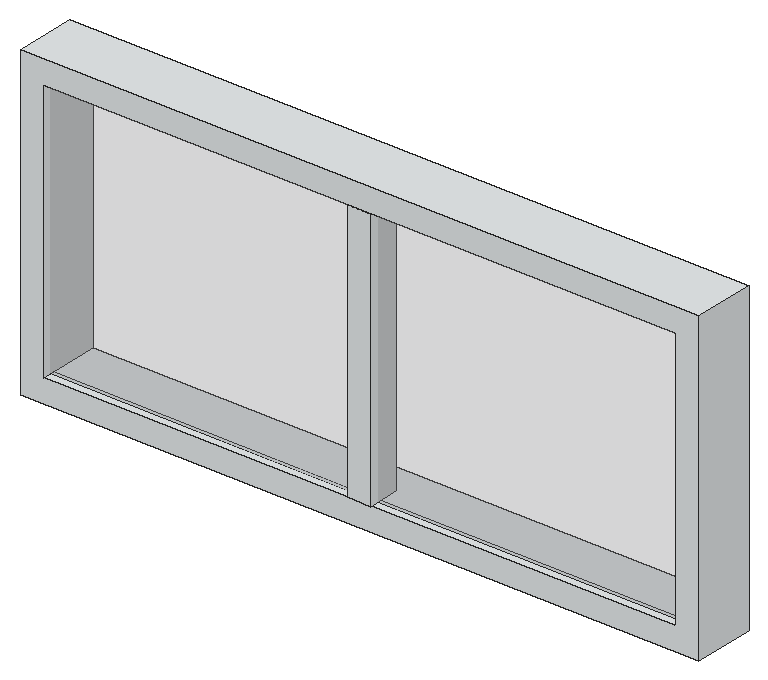
Revit family "Janela_Fachada_2Painel", category Windows, host Wall, Revit 2020
Family settings
  Host = Wall
  OmniClass Number = 23.30.20.00
  OmniClass Title = Windows
  Always vertical = Yes
  Cut with Voids When Loaded = No
  Shared = No
  Room Calculation Point = No
Parameters (values of type "JAN_100x220_FAC_2PA")
  Material_Vidro = CT_Vidros
  Material_Esquadria = CT_Esquadrias_Aluminio
  Height = 1.000 m
  Espess_Esquadria = 0.075 m
  Define Thermal Properties by = Schematic Type
  Default Sill Height = 0.800 m
  Wall Closure = By host
  Width = 2.200 m
  Analytic Construction = "<None>"
Types (2, lengths in m): name | Width
  JAN_100x220_FAC_2PA | 2.200
  JAN_100x230_FAC_2PA | 2.300
Reference planes (m)
  plane 1 "Center (Front/Back)": y = 0
  plane 2 "Center (Left/Right)": x = 0
  plane 3 "Left": x = -1.1
  plane 4 "Right": x = 1.1
  plane 5 "Sill": z = 0.8
  plane 6 "Head": z = 1.8
  plane 7 "Exterior": y = 0.1
  plane 8 "Interior": y = -0.1
Forms (m)
  Extrusion 1, solid, material "CT_Esquadrias_Aluminio" <- "Material_Esquadria"
    sketch origin (0, 0.1, 0) x (1, 0, 0) y (0, 0, 1)
      loop
        line (1.1, 1.8) -> (-1.1, 1.8) -> (-1.1, 0.8) -> (1.1, 0.8) -> (1.1, 1.8)
      loop
        line (1.025, 0.875) -> (1.025, 1.725) -> (-1.025, 1.725) -> (-1.025, 0.875) -> (1.025, 0.875)
    from 0 to 0.2
  Extrusion 2, solid, material "CT_Vidros" <- "Material_Vidro"
    sketch origin (0, 0.1, 0) x (1, 0, 0) y (0, 0, 1)
      loop
        line (1.025, 1.725) -> (0.0375, 1.725) -> (0.0375, 0.875) -> (1.025, 0.875) -> (1.025, 1.725)
      loop
        line (-0.0375, 1.725) -> (-1.025, 1.725) -> (-1.025, 0.875) -> (-0.0375, 0.875) -> (-0.0375, 1.725)
    from 0.162783 to 0.174766
  Extrusion 3, solid, material "CT_Esquadrias_Aluminio" <- "Material_Esquadria"
    sketch origin (0, 0.1, 0) x (-1, 0, 0) y (0, 0, 1)
      loop
        line (-0.0375, 0.875) -> (0.0375, 0.875) -> (0.0375, 1.725) -> (-0.0375, 1.725) -> (-0.0375, 0.875)
    from -0.1 to -0.2
Lines and regions (m)
  Opening 1
    outline origin (3.5, -0.1, 0) x (1, 0, 0) y (0, 0, 1)
      loop
        line (-2.4, 0.8) -> (-2.4, 1.8) -> (-4.6, 1.8) -> (-4.6, 0.8) -> (-2.4, 0.8)
Text (m)
  text "EXTERIOR" at (-1.963203, 1.332353, 0), in view "Ref. Level"
  text "INTERIOR" at (-1.981466, -0.818386, 0), in view "Ref. Level"
  text "Exterior" at (0, 0.923751, 2.943296), in view "Right"
  text "Exterior" at (0, 1.040484, 2.685409), in view "Left"
Dimensions and locks (m)
  equal spacing: plane 3 "Left", plane 2 "Center (Left/Right)", plane 4 "Right"
  "Width": plane 3 "Left" to plane 4 "Right"
  "Height": plane 5 "Sill" to plane 6 "Head"
  "Default Sill Height": plane 5 "Sill" to level
  locked: plane 7 "Exterior" to host wall
  locked: plane 8 "Interior" to host wall
  "Espess_Esquadria": Extrusion 1 sketch curve to Extrusion 1 sketch curve  (x3)
  plane 5 "Sill" to Extrusion 1 sketch curve to Extrusion 1 sketch curve = 0.000 m, 0.075 m
  locked: Extrusion 2 to Extrusion 1 at 0.025234
  locked: Extrusion 2 to Extrusion 2 at 0.011983
  aligned and locked: Extrusion 1 sketch curve to host wall  (x3)
  aligned and locked: plane 5 "Sill" to Extrusion 1
  aligned and locked: Extrusion 2 sketch curve to Extrusion 1  (x4)
  aligned and locked: plane 8 "Interior" to Extrusion 1
  aligned and locked: Extrusion 1 to plane 7 "Exterior"
  aligned and locked: Extrusion 1 to Extrusion 3 sketch curve
  aligned and locked: Extrusion 3 sketch curve to Extrusion 1
  aligned and locked: Extrusion 3 sketch curve to Extrusion 2  (x2)
  aligned and locked: Extrusion 3 to Extrusion 1  (x2)
  aligned and locked: Extrusion 3 to host wall
  aligned and locked: Extrusion 1 to Extrusion 3
Automatic sketch dimensions
  Opening 1 sketch curve to plane 3 "Left" = 0.000 m
  Opening 1 sketch curve to plane 4 "Right" = 0.000 m
  Opening 1 sketch curve to plane 5 "Sill" = 0.000 m
  Opening 1 sketch curve to plane 6 "Head" = 0.000 m
  plane 2 "Center (Left/Right)" to Extrusion 2 sketch curve = 0.0375 m
  Extrusion 2 sketch curve to plane 2 "Center (Left/Right)" = 0.0375 m
  Extrusion 2 sketch curve to plane 5 "Sill" = 0.075 m
  plane 6 "Head" to Extrusion 2 sketch curve = 0.075 m
